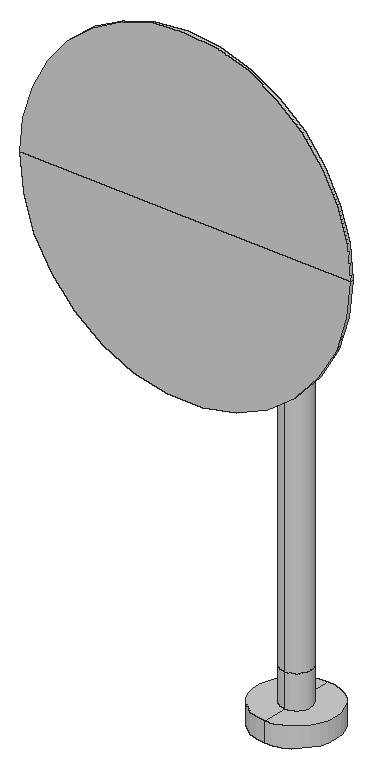
Revit family "Shower_Wall_Abey_BuildersShowers_Horizontal_FaceBased", category Plumbing Fixtures, host Face, Revit 2022
Family settings
  Host = Face
  Round Connector Dimension = Use Diameter
  Part Type = Normal
  OmniClass Number = 23.31.17.00
  OmniClass Title = Showers
  Cut with Voids When Loaded = Yes
  Maintain Annotation Orientation = No
  Shared = No
  Room Calculation Point = No
Parameters (values of type "Chrome (1AB-SH + 1AB-HSA)")
  Waste Connection = no
  Vent Connection = no
  Uniclass2015Version = "Products v1.38"
  Uniclass2015Title = "Shower heads"
  Uniclass2015Code = "Pr_40_20_87_76"
  URL = "https://www.abey.com.au/"
  Type Comments = "Shower - Wall - Horizontal - Chrome"
  ModifiedIssue = 20251103
  Model = "1AB-SH + 1AB-HSA"
  Material = Metal_Abey_Chrome
  ManufacturerURLProductSpecific = "https://www.abeyspecifier.com.au/product/abey-builders-shower-head-250mm/"
  ManufacturerSpecCode = Model  # "1AB-SH + 1AB-HSA"
  ManufacturerOverallWidth = 250 mm  # constant formula
  ManufacturerOverallHeight = 135 mm  # constant formula
  ManufacturerOverallDepth = 514 mm  # constant formula
  Manufacturer = "Abey"
  Keynote = ""
  IfcExportType = "SHOWER"
  IfcExportAs = "IfcSanitaryTerminal"
  HW Connection = yes
  Description = "Abey Builders 304 Stainless Steel Horizontal Shower Head & Arm Chrome"
  Default Elevation = 2400 mm
  CreatedByURL = "https://igsgroup.com.au"
  CreatedBy = "IGS BIM Solutions"  # constant formula
  Cost = 0
  CW Connection = yes
  Assembly Code = "D2010710"
Types (3, lengths in mm): name | Type Comments | Model | Material | ManufacturerURLProductSpecific | ManufacturerSpecCode | Description
  Chrome (1AB-SH + 1AB-HSA) | "Shower - Wall - Horizontal - Chrome" | "1AB-SH + 1AB-HSA" | Metal_Abey_Chrome | "https://www.abeyspecifier.com.au/product/abey-builders-shower-head-250mm/" | "1AB-SH + 1AB-HSA" | "Abey Builders 304 Stainless Steel Horizontal Shower Head & Arm Chrome"
  Brushed Nickel (1AB-SH-BN + 1AB-HSA-BN) | "Shower - Wall - Horizontal - Brushed Nickel" | "1AB-SH-BN + 1AB-HSA-BN" | Metal_Abey_BrushedNickel | "https://www.abeyspecifier.com.au/product/abey-builders-shower-head-250mm/?attribute_pa_finish=brushed-nickel" | "1AB-SH-BN + 1AB-HSA-BN" | "Abey Builders 304 Stainless Steel Horizontal Shower Head & Arm Brushed Nickel"
  Black (1AB-SH-B + 1AB-HSA-B) | "Shower - Wall - Horizontal - Black" | "1AB-SH-B + 1AB-HSA-B" | Metal_Abey_Black | "https://www.abeyspecifier.com.au/product/abey-builders-shower-head-250mm/?attribute_pa_finish=black" | "1AB-SH-B + 1AB-HSA-B" | "Abey Builders 304 Stainless Steel Horizontal Shower Head & Arm Black"
Reference planes
  plane 1 "Top": y = 31.5
  plane 2 "WallFace": z = 0
  plane 3 "Center (Left/Right)": x = -97.18
  plane 4 "Bottom": y = -103.5
  plane 5 "Left": x = -222.18
  plane 6 "Right": x = 27.82
  plane 7 "Back": z = 0
  plane 8 "Front": z = 514
  plane 9 "MountingHeight": y = 1.5
Forms (mm)
  Extrusion 1, void
    sketch origin (0, 0, 0) x (1, 0, 0) y (0, 1, 0)
      loop
        circle (-97.18, 1.5) r 15
    from 0 to -30
Text (mm)
  text "Disclaimer:\nDue to ongoing product development and manufacturing evolution, product details are subject to change without notice. Please refer to product technical data sheets on the manufacturers website for the most current product information. Please allow a +/- 5mm manufacturing tolerance for dimensions and set-outs shown in product literature." at (141.614, 62.856, 0), in view "Ref. Level"
Dimensions and locks
  equal spacing: plane 5 "Left", plane 3 "Center (Left/Right)", plane 6 "Right"
  "ManufacturerOverallWidth": plane 5 "Left" to plane 6 "Right"
  "ManufacturerOverallHeight": plane 4 "Bottom" to plane 1 "Top"
  "ManufacturerOverallDepth": plane 8 "Front" to plane 7 "Back"
  locked: plane 9 "MountingHeight" to plane 1 "Top" at 30
  aligned and locked: plane 2 "WallFace" to host face
  aligned and locked: level to host face
  aligned and locked: plane 7 "Back" to plane 2 "WallFace"
  aligned and locked: plane 7 "Back" to nested 1
  aligned and locked: plane 3 "Center (Left/Right)" to nested 1
  aligned and locked: plane 1 "Top" to nested 1
Automatic sketch dimensions
  host sketch curve to host sketch curve = 358.886 mm
  host sketch curve to host sketch curve = 243.576 mm
  Extrusion 1 sketch curve to plane 9 "MountingHeight" = 0 mm
  Extrusion 1 sketch curve to plane 5 "Left" = 125 mm
  radius of Extrusion 1 sketch curve = 15 mm
Nested families
  nested 1: "z_Shower_Wall_Abey_ShowerBuilders_Horizontal" at (-97.18, 1.5, 429) x (1, 0, 0) z (0, 1, 0), type "Type 1"
Connectors
  piping at (-89.83, 1.5, -1), diameter 12.7, driven by "CW Connection"
    settings: on nested 1, index 1, connector inside diameter 24", connector length 0 mm, flow factor 0, pipe flow 0.00 L/s, pressure drop 0 kPa, fitting loss kfactor 0, connector angle 0.00°, fixture units 0, engagement length 0 mm, angle of deflection 0.00°, flow configuration 2, flow direction 1, fitting loss method 0, system type 20, joint type 0, gender type 0, connector reference index -1, connector utility 1, adjustable connector no, is connector primary yes, connector description "Cold Water Supply"
  piping at (-104.53, 1.5, -1), diameter 12.7, driven by "HW Connection"
    settings: on nested 1, index 2, connector inside diameter 24", connector length 0 mm, flow factor 0, pipe flow 0.00 L/s, pressure drop 0 kPa, fitting loss kfactor 0, connector angle 0.00°, fixture units 0, engagement length 0 mm, angle of deflection 0.00°, flow configuration 2, flow direction 1, fitting loss method 0, system type 19, joint type 0, gender type 0, connector reference index -1, connector utility 1, adjustable connector no, is connector primary no, connector description "Hot Water Supply"
Definition of nested family "z_Shower_Wall_Abey_ShowerBuilders_Horizontal"
  Parameters (values of type "Type 1")
    Waste Connection = no
    Vent Connection = no
    URL = "https://www.abey.com.au/"
    Type Comments = ""
    Model = ""
    HW Connection = yes
    Default Elevation = 0 mm
    CW Connection = yes
    Material = none
    ManufacturerOverallWidth = 250 mm  # constant formula
    ManufacturerOverallHeight = 135 mm  # constant formula
    ManufacturerOverallDepth = 514 mm  # constant formula
    Manufacturer = "Abey"
    Description = ""
    CreatedByURL = "https://igsgroup.com.au"
    CreatedBy = "IGS BIM Solutions"  # constant formula
    Assembly Code = "D2010710"
  Reference planes
    plane 1 "Ref. Level": z = 0
    plane 2 "Center (Left/Right)": x = 0
    plane 3 "Left": x = -125
    plane 4 "Right": x = 125
    plane 5 "Front": y = -85
    plane 6 "SupportCenter": z = 0
    plane 7 "Back": y = 429
    plane 8 "Top": z = 30
    plane 9 "Bottom": z = -105
  Forms (mm)
    Revolve 1, solid, material <- "Material"
      sketch origin (0, 40, 142) x (1, 0, 0) y (0, 0, 1)
        loop
          line (0, -202) -> (0, -247) -> (125, -247) -> (125, -245) -> (109.779, -245) -> (97.439, -241.923)
          arc (97.439, -241.923) -> (95.877, -241.634) -> (94.292, -241.537) r 13.008
          line (94.292, -241.537) -> (17.756, -241.537) -> (17.756, -232.967)
          arc (17.756, -232.967) -> (17.407, -231.918) -> (16.5, -231.288) r 1.75
          line (16.5, -231.288) -> (16.5, -222) -> (12.153, -222)
          arc (12.153, -222) -> (9.439, -220.187) -> (10.076, -216.986) r 2.937
          line (10.076, -216.986) -> (11.5, -215.561) -> (11.5, -202) -> (0, -202)
        axis (0, -247) -> (0, -202)
      angle from 0 to 360
    Extrusion 2, void
      sketch origin (0, 0, 142) x (0, 1, 0) y (0, 0, 1)
        loop
          line (50.898, -202) -> (50.898, -209.847) -> (52.234, -209.847) -> (52.234, -202) -> (50.898, -202)
        loop
          line (29.102, -202) -> (27.766, -202) -> (27.766, -209.847) -> (29.102, -209.847) -> (29.102, -202)
      from -14.758 to 22.318
    Extrusion 3, void
      sketch origin (0, 0, 142) x (0, 1, 0) y (0, 0, 1)
        loop
          line (54.848, -220.889) -> (54.848, -228.737) -> (57.122, -228.737) -> (57.122, -220.889) -> (54.848, -220.889)
        loop
          line (25.152, -220.889) -> (22.878, -220.889) -> (22.878, -228.737) -> (25.152, -228.737) -> (25.152, -220.889)
      from -14.758 to 22.318
    Revolve 4, solid, material <- "Material"
      sketch origin (0, 0, 0) x (0, 1, 0) y (0, 0, 1)
        loop
          line (429, 0) -> (429, 30) -> (414, 30) -> (414, 11) -> (389, 11) -> (389, 0) -> (429, 0)
        axis (389, 0) -> (429, 0)
      angle from 0 to 360
    Sweep 5, solid, material <- "Material"
      path origin (0, 0, 0) x (0, 1, 0) y (0, 0, 1)
        loop
          line (389, 0) -> (80, 0)
          arc (80, 0) -> (51.716, -11.716) -> (40, -40) r 40
          line (40, -40) -> (40, -60)
      profile origin (0, 234.5, 0) x (0, 0, -1) y (1, 0, 0)
        loop
          circle (0, 0) r 11
    Extrusion 6, solid, material <- "Material"
      sketch origin (0, 429, 0) x (1, 0, 0) y (0, 0, -1)
        loop
          circle (7.35, 0) r 6.35
        loop
          circle (-7.35, 0) r 6.35
      from 0 to 1
  Cuts and joins
    Extrusion 2, Extrusion 3 cuts Revolve 1
    joined: Revolve 4, Sweep 5
  Lines and regions (mm)
    Masking region 1
      outline origin (0, 0, 30) x (0, -1, 0) y (1, 0, 0)
        loop
          line (-429, 30) -> (-429, -30) -> (-414, -30) -> (-414, -11) -> (-164.515, -11)
          arc (-164.515, -11) -> (85, 0) -> (-164.515, 11) r 125
          line (-164.515, 11) -> (-414, 11) -> (-414, 30) -> (-429, 30)
    symbolic lines
      curve 1: arc (11, -85, 0) -> (0, -85, 11) -> (-11, -85, 0) r 11
    symbolic lines, detail levels medium+fine
      curve 2: arc (11, 149.227, 30) -> (0, -69.779, 30) -> (-11, 149.227, 30) r 109.779
      curve 3: arc (-11, 40, 30) -> (0, 29, 30) -> (11, 40, 30) r 11
      curve 4: arc (-11, 53.939, 30) -> (0, 22.244, 30) -> (11, 53.939, 30) r 17.756
      curve 5: line (-11, 164.515, 30) -> (-11, 40, 30)
      curve 6: line (11, 164.515, 30) -> (11, 40, 30)
      curve 7: line (-11, 414, 30) -> (11, 414, 30)
  Dimensions and locks
    equal spacing: plane 3 "Left", plane 2 "Center (Left/Right)", plane 4 "Right"
    "ManufacturerOverallWidth": plane 3 "Left" to plane 4 "Right"
    locked: plane 8 "Top" to plane 6 "SupportCenter" at 30
    "ManufacturerOverallHeight": plane 8 "Top" to plane 9 "Bottom"
    "ManufacturerOverallDepth": plane 7 "Back" to plane 5 "Front"
    aligned and locked: level to plane 1 "Ref. Level"
  Automatic sketch dimensions
    Revolve 1 sketch curve to plane 2 "Center (Left/Right)" = 0 mm  (x2)
    plane 4 "Right" to Revolve 1 sketch curve = 0 mm
    plane 2 "Center (Left/Right)" to Revolve 1 sketch curve = 10.076 mm
    plane 2 "Center (Left/Right)" to Revolve 1 sketch curve = 11.5 mm
    Revolve 1 sketch curve to Revolve 1 sketch curve = 2.077 mm
    Revolve 1 sketch curve to Revolve 1 sketch curve = 3.854 mm
    Revolve 1 sketch curve to Revolve 1 sketch curve = 4.347 mm
    Revolve 1 sketch curve to Revolve 1 sketch curve = 1.75 mm
    plane 4 "Right" to Revolve 1 sketch curve = 30.708 mm
    Revolve 1 sketch curve to Revolve 1 sketch curve = 12.34 mm
    Revolve 1 sketch curve to Revolve 1 sketch curve = 8.57 mm
    Revolve 1 sketch curve to Revolve 1 sketch curve = 9.288 mm
    Revolve 1 sketch curve to Revolve 1 sketch curve = 2.937 mm
    Revolve 1 sketch curve to Revolve 1 sketch curve = 1.424 mm
    Revolve 1 sketch curve to Revolve 1 sketch curve = 13.561 mm
    Revolve 1 sketch curve to Revolve 1 sketch curve = 0 mm
    Revolve 1 sketch curve to Revolve 1 sketch curve = 10 mm
    Extrusion 2 sketch curve to Extrusion 2 sketch curve = 1.337 mm  (x2)
    Extrusion 2 sketch curve to Extrusion 2 sketch curve = 0 mm
    Extrusion 2 sketch curve to Extrusion 2 sketch curve = 7.847 mm  (x2)
    Extrusion 3 sketch curve to Extrusion 3 sketch curve = 2.274 mm  (x2)
    Extrusion 3 sketch curve to Extrusion 3 sketch curve = 7.847 mm  (x2)
    Revolve 1 sketch curve to Revolve 1 sketch curve = 3.147 mm
    Revolve 1 sketch curve to level = 112.545 mm
    Revolve 1 sketch curve to Revolve 1 sketch curve = 7.545 mm
    Revolve 1 sketch curve to Revolve 1 sketch curve = 2 mm
    Revolve 1 sketch curve to Revolve 1 sketch curve = 3.077 mm
    Extrusion 2 sketch curve to level = 67.847 mm
    Extrusion 3 sketch curve to level = 86.737 mm
    Extrusion 3 sketch curve to Extrusion 3 sketch curve = 0 mm
    Revolve 4 sketch curve to level = 0 mm  (x2)
    plane 8 "Top" to Revolve 4 sketch curve = 0 mm
    Revolve 4 sketch curve to plane 7 "Back" = 0 mm  (x2)
    Revolve 4 sketch curve to plane 7 "Back" = 15 mm
    Revolve 4 sketch curve to Revolve 4 sketch curve = 25 mm
    level to Revolve 4 sketch curve = 11 mm
    Revolve 4 sketch curve to Revolve 4 sketch curve = 10 mm
    Sweep 5 sketch curve to level = 0 mm
    Sweep 5 sketch curve to level = 40 mm
    Sweep 5 sketch curve to plane 7 "Back" = 40 mm
    Sweep 5 sketch curve to Sweep 5 sketch curve = 20 mm
    curve 1 to level = 0 mm
    curve 1 to plane 2 "Center (Left/Right)" = 0 mm
    plane 2 "Center (Left/Right)" to curve 1 = 11 mm
    plane 5 "Front" to Extrusion 2 sketch curve = 112.766 mm
    Extrusion 2 sketch curve to Extrusion 2 sketch curve = 21.796 mm
    plane 5 "Front" to Extrusion 3 sketch curve = 107.878 mm
    Extrusion 3 sketch curve to Extrusion 3 sketch curve = 29.697 mm
    plane 5 "Front" to Sweep 5 sketch curve = 165 mm
    Masking region 1 sketch curve to plane 7 "Back" = 0 mm
    Masking region 1 sketch curve to plane 2 "Center (Left/Right)" = 0 mm
    Masking region 1 sketch curve to plane 7 "Back" = 15 mm  (x2)
    Masking region 1 sketch curve to plane 2 "Center (Left/Right)" = 11 mm
    Masking region 1 sketch curve to Masking region 1 sketch curve = 249.485 mm
    plane 2 "Center (Left/Right)" to Masking region 1 sketch curve = 11 mm
    plane 5 "Front" to Masking region 1 sketch curve = 125 mm
    Masking region 1 sketch curve to Masking region 1 sketch curve = 19 mm  (x2)
    curve 2 to curve 3 = 0 mm  (x2)
    curve 2 to curve 4 = 0 mm  (x2)
    curve 3 to curve 4 = 0 mm  (x2)
    curve 3 to plane 2 "Center (Left/Right)" = 0 mm
    curve 5 to plane 2 "Center (Left/Right)" = 11 mm
    plane 5 "Front" to curve 5 = 125 mm
    curve 4 to curve 5 = 13.939 mm
    curve 2 to curve 4 = 95.288 mm
    curve 5 to curve 2 = 15.288 mm
    curve 6 to curve 2 = 15.288 mm
    curve 7 to plane 7 "Back" = 15 mm
    curve 7 to plane 2 "Center (Left/Right)" = 11 mm
    plane 2 "Center (Left/Right)" to curve 7 = 11 mm
    Extrusion 6 sketch curve to level = 0 mm  (x2)
    plane 2 "Center (Left/Right)" to Extrusion 6 sketch curve = 7.35 mm
    Extrusion 6 sketch curve to plane 2 "Center (Left/Right)" = 7.35 mm
    radius of Extrusion 6 sketch curve = 6.35 mm  (x2)
